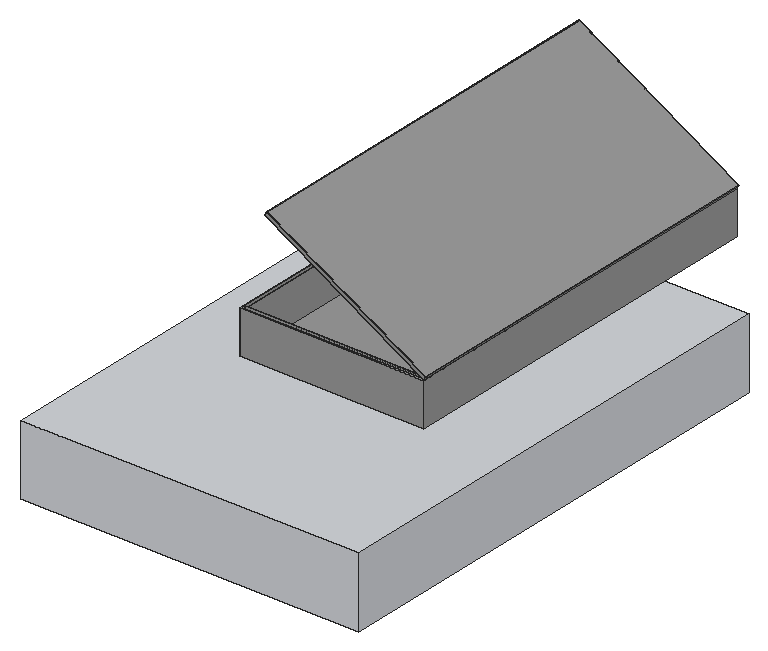
Revit family "Hager-Univers-IP44-D205-H1700-Cl.II-Encl-PT-pt", category Equipement électrique, Revit 2020
Family settings
  Hôte = Face
  Configuration du panneau = Deux colonnes, circuits au sein
  Cote de connecteur circulaire = Utiliser le diamètre
  Type d'élément = Tableau de raccordement
  Couper avec des vides une fois chargée = Non
  Partagée = Non
  Point de calcul de pièce = Non
Parameters (values of type "Montagem em superfície (gesso) IP44 L800 A1700 P205  - FP13SN2")
  Width Control [instance] = if([EF000008 - Largura] > Min Width, [EF000008 - Largura], Min Width)  # 800 mm
  Commentaires du type = [HG000003 - Gama]  # "Univers"
  Thickness Door [instance] = if([EF009171 - Espessura do material da porta/tampa] > 3 mm, 3 mm, [EF009171 - Espessura do material da porta/tampa])  # 1 mm
  Seal Frame Offset [instance] = 17 mm  # constant formula
  Plinth Visibility [instance] = [HG000027 - Altura da Plinta] > 0 mm  # no
  Model = ""
  Min Width [instance] = 100 mm  # constant formula
  Min Height [instance] = 100 mm  # constant formula
  Min Depth [instance] = (2 * [EF009170 - Espessura do material do invólucro]) + 1 mm  # 3 mm
  Internal Frame Depth [instance] = (Door System Depth * 0.5)  # 9 mm
  Height Control [instance] = if([EF000040 - Altura] > Min Height, [EF000040 - Altura], Min Height)  # 1700 mm
  HG000027 - Altura da Plinta = 0 mm
  HG000026 - Instalação no chão = no
  HG000024 - Altura da secção inferior = 800 mm
  HG000023 - Recinto de secção dupla = no
  HG000016 - Visibilidade da porta 3D [instance] = yes
  HG000015 - Visibilidade através da porta [instance] = no
  HG000014 - Porta à direita [instance] = yes
  HG000013 - Porta à esquerda [instance] = not([HG000014 - Porta à direita])  # no
  HG000012 - Ângulo de abertura de porta [instance] = 30.00°
  HG000010 - Portas assimétricas = no
  HG000009 - Porta dupla = no
  HG000006 - Encastrado = no
  HG000004 - Referência do Fabricante = "FP13SN2"
  HG000003 - Gama = "Univers"
  HG000002 - Com porta ou tampa = yes
  Frame Offset Bottom [instance] = 10 mm  # constant formula
  Frame Offset [instance] = 15 mm  # constant formula
  EF015940 - Tampa com libertação de sobrepressão = no
  EF011959 - Grau de proteção (NEMA) = ""
  EF009554 - Número de aberturas para placas de flange = 6
  Fabricant = "Hager"  # constant formula
  EF009212 - Tipo de tampa = "EV000116 - Fechado"
  EF009171 - Espessura do material da porta/tampa = 1 mm
  EF009170 - Espessura do material do invólucro = 1 mm
  EF008873 - Corrente nominal (In) = 400 A
  EF007800 - Adequado para proteção contra raios = no
  EF006306 - Com fecho = no
  EF006244 - Tampa/porta transparente = no
  EF005474 - Grau de proteção (IP) = "EV006418 - IP44"
  EF004464 - Tipo de porta = "EV002646 - Único"
  EF004427 - Número de módulos = 396
  EF004293 - Força de impacto = "EV006815 - IK09"
  EF003532 - Adequado para uso no exterior = no
  EF002950 - Largura em número de módulos = 36
  EF001613 - Integridade do circuito = "EV000494 - Nenhum"
  EF001596 - Material do corpo = "EV000179 - Aço"
  EF001131 - Profundidade interior = 143 mm
  EF001088 - Extensão possível = yes
  EF000437 - Número de entradas de condutores = 6
  EF000339 - Tipo de difusor = "EV001012 - Tampa"
  EF000266 - Número de linhas = 11
  EF000218 - Profundidade incorporada = 205 mm
  EF000118 - Com tampa de montagem = no
  EF000116 - Número RAL = "9010"
  EF000049 - Profundidade = 205 mm
  EF000040 - Altura = 1700 mm
  EF000008 - Largura = 800 mm
  EF000007 - Cor = "EV000202 - Branco"
  EF000003 - Método de montagem = "EV000384 - Montagem em superfície (gesso)"
  Door System Leaf Tolerance [instance] = 1.5 mm  # constant formula
  Door System Depth [instance] = 18 mm  # constant formula
  Door Height [instance] = Height Control - [HG000027 - Altura da Plinta]  # 1700 mm
  Depth Control [instance] = if([EF000049 - Profundidade] > Min Depth, [EF000049 - Profundidade], Min Depth)  # 205 mm
  Default Elevation = 0 mm
  Connector Offset [instance] = Height Control / 2  # 850 mm
  Bottom Top Plate Trim [instance] = 1.5 mm  # constant formula
  Plinth height Ctrl [instance] = if([HG000027 - Altura da Plinta] > 0 mm, [HG000027 - Altura da Plinta], 12 mm)  # 12 mm
Types (5, lengths in mm): name | Width Control | HG000010 - Portas assimétricas | HG000009 - Porta dupla | HG000004 - Referência do Fabricante | EF009554 - Número de aberturas para placas de flange | EF008873 - Corrente nominal (In) | EF004464 - Tipo de porta | EF004427 - Número de módulos | EF002950 - Largura em número de módulos | EF000437 - Número de entradas de condutores | EF000008 - Largura
  Montagem em superfície (gesso) IP44 L1050 A1700 P205  - FP14SN2 | 1050 | no | yes | "FP14SN2" | 8 | 400 A | "EV003602 - Duplo" | 528 | 48 | 8 | 1050
  Montagem em superfície (gesso) IP44 L1300 A1700 P205  - FP15SN2 | 1300 | yes | yes | "FP15SN2" | 10 | 400 A | "EV003602 - Duplo" | 660 | 60 | 10 | 1300
  Montagem em superfície (gesso) IP44 L300 A1700 P205  - FP11SN2 | 300 | no | no | "FP11SN2" | 2 | 250 A | "EV002646 - Único" | 132 | 12 | 2 | 300
  Montagem em superfície (gesso) IP44 L550 A1700 P205  - FP12SN2 | 550 | no | no | "FP12SN2" | 4 | 250 A | "EV002646 - Único" | 264 | 24 | 4 | 550
  Montagem em superfície (gesso) IP44 L800 A1700 P205  - FP13SN2 | 800 | no | no | "FP13SN2" | 6 | 400 A | "EV002646 - Único" | 396 | 36 | 6 | 800
Reference planes
  plane 1 "Center (Front/Back)": y = 0
  plane 2: z = 0
  plane 3 "Center (Left/Right)": x = 0
  plane 4: z = 205
  plane 5: y = 1
  plane 6: y = 850
  plane 7: y = 0
  plane 8: y = 1700
  plane 9: z = 0
  plane 10: x = -385
  plane 11: x = 385
  plane 12: x = 384
  plane 13: x = -384
  plane 14: y = 1699
  plane 15: x = -383
  plane 16: x = -400
  plane 17: x = 383
  plane 18: x = 400
  plane 19: x = 399
  plane 20: x = -399
  plane 21: y = 11
  plane 22: y = 1700
  plane 23: y = 1684
  plane 24: z = 187
  plane 25: z = 1
  plane 26: z = 186
  plane 27: z = 204
Forms (mm)
  Extrusion 1, solid
    sketch origin (0, 0, 0) x (1, 0, 0) y (0, 1, 0)
      loop
        line (-702.964, 1305) -> (-702.964, -811.445) -> (766.763, -811.445) -> (766.763, 1305) -> (-702.964, 1305)
    from 0 to -304.8
  Extrusion 2, solid, material "Hager_Steel_RAL7035_Light_Grey", visible <- "Plinth Visibility", detail levels medium+fine
    sketch origin (0, 0, 0) x (1, 0, 0) y (0, 1, 0)
      loop
        line (-400, 0) -> (400, 0) -> (400, 12) -> (-400, 12) -> (-400, 0)
    from 0 to 187
  Extrusion 3, solid, material "Hager_Steel_RAL7035_Light_Grey", detail levels medium+fine
    sketch origin (0, 0, 0) x (1, 0, 0) y (0, 1, 0)
      loop
        line (-400, 0) -> (400, 0) -> (400, 1700) -> (-400, 1700) -> (-400, 0)
    from 0 to 187
  Extrusion 4, void
    sketch origin (0, 0, 0) x (1, 0, 0) y (0, 1, 0)
      loop
        line (-399, 1) -> (399, 1) -> (399, 1699) -> (-399, 1699) -> (-399, 1)
    from 1 to 186
  Extrusion 5, void
    sketch origin (-381.607, -4572, 187) x (0, -1, 0) y (-1, 0, 0)
      loop
        line (-4583, 2.393) -> (-6256, 2.393) -> (-6256, -765.607) -> (-4583, -765.607) -> (-4583, 2.393)
    from 0 to 1 <- "EF009170 - Espessura do material do invólucro"
  Extrusion 6, solid, material "Hager_Steel_RAL7035_Light_Grey", detail levels fine
    sketch origin (0, 0, 187) x (1, 0, 0) y (0, 1, 0)
      loop
        line (-384, 1684) -> (-384, 11) -> (384, 11) -> (384, 1684) -> (-384, 1684)
      loop
        line (-385, 10) -> (385, 10) -> (385, 1685) -> (-385, 1685) -> (-385, 10)
    from 0 to 9 <- "Internal Frame Depth"
  Extrusion 7, solid, material "Hager_Steel_RAL7035_Light_Grey", detail levels coarse
    sketch origin (0, 0, 0) x (1, 0, 0) y (0, 1, 0)
      loop
        line (-400, 0) -> (400, 0) -> (400, 1700) -> (-400, 1700) -> (-400, 0)
    from 0 to 205
  Sweep 8, void
    path in 3D
      loop
        line (-400, 12, 0) -> (400, 12, 0) -> (400, 12, 187) -> (-400, 12, 187) -> (-400, 12, 0)
    profile origin (-400, 12, 93.5) x (-1, 0, 0) y (0, -1, 0)
      loop
        line (0, 0) -> (0, 1.5) -> (-1.5, 1.5)
        arc (-1.5, 1.5) -> (-1.061, 0.439) -> (0, 0) r 1.5
Cuts and joins
  Extrusion 4, Extrusion 5 cuts Extrusion 3
  Sweep 8 cuts Extrusion 2
Lines and regions (mm)
  Masking region 1
    outline origin (0, 0, 0) x (1, 0, 0) y (0, 0, 1)
      loop
        line (-400, 205) -> (-400, 0) -> (400, 0) -> (400, 205) -> (-400, 205)
  Masking region 2, detail levels medium+fine
    outline origin (0, 140, 0) x (0, 1, 0) y (0, 0, 1)
      loop
        line (-140, 0) -> (1560, 0) -> (1560, 187) -> (-140, 187) -> (-140, 0)
  Masking region 3, not visible, detail levels medium+fine
    outline origin (0, 297.922, 0) x (0, 1, 0) y (0, 0, 1)
      loop
        line (563.578, 0) -> (603.578, 0) -> (603.578, 194)
        arc (603.578, 194) -> (600.649, 201.071) -> (593.578, 204) r 10
        line (593.578, 204) -> (563.578, 204) -> (563.578, 0)
  Masking region 4, detail levels coarse
    outline origin (0, 0, 180) x (0, 1, 0) y (0, 0, 1)
      loop
        line (0, -180) -> (1700, -180) -> (1700, 25) -> (0, 25) -> (0, -180)
  Masking region 5, visible <- "Plinth Visibility", detail levels medium+fine
    outline origin (0, 52.24, 12.345) x (0, 0, -1) y (0, 1, 0)
      loop
        line (10.845, -40.24) -> (-173.155, -40.24)
        arc (-173.155, -40.24) -> (-173.594, -41.301) -> (-174.655, -41.74) r 1.5
        line (-174.655, -41.74) -> (-174.655, -52.24) -> (12.345, -52.24) -> (12.345, -41.74)
        arc (12.345, -41.74) -> (11.285, -41.301) -> (10.845, -40.24) r 1.5
  Masking region 6, detail levels medium+fine
    outline origin (-381.607, -4572, 187) x (-1, 0, 0) y (0, -1, 0)
      loop
        line (18.393, -6272) -> (18.393, -4572) -> (-781.607, -4572) -> (-781.607, -6272) -> (18.393, -6272)
  Masking region 7, visible <- "Plinth Visibility", detail levels medium+fine
    outline origin (-381.607, -4727, 187) x (-1, 0, 0) y (0, -1, 0)
      loop
        arc (16.893, -4739) -> (17.332, -4737.939) -> (18.393, -4737.5) r 1.5
        line (18.393, -4737.5) -> (18.393, -4727) -> (-781.607, -4727) -> (-781.607, -4737.5)
        arc (-781.607, -4737.5) -> (-780.546, -4737.939) -> (-780.107, -4739) r 1.5
        line (-780.107, -4739) -> (16.893, -4739)
  Masking region 8, detail levels coarse
    outline origin (-442.548, -4669.526, 187) x (-1, 0, 0) y (0, -1, 0)
      loop
        line (-42.548, -6369.526) -> (-42.548, -4669.526) -> (-842.548, -4669.526) -> (-842.548, -6369.526) -> (-42.548, -6369.526)
  sketch lines
    curve 1: line (-400, 12, 187) -> (-400, 12, 0)
    curve 2: line (400, 12, 187) -> (-400, 12, 187)
    curve 3: line (400, 12, 187) -> (400, 12, 0)
    curve 4: line (-400, 12, 0) -> (400, 12, 0)
Dimensions and locks
  "Depth Control": plane 4 to Extrusion 1
  "HG000027 - Altura da Plinta": plane 1 "Center (Front/Back)" to plane 7
  "EF009170 - Espessura do material do invólucro": plane 5 to plane 7
  locked: connector elem to plane 3 "Center (Left/Right)"
  equal spacing: plane 8, plane 6, plane 7
  locked: connector elem to plane 6
  "EF009170 - Espessura do material do invólucro": plane 8 to plane 14
  "EF009170 - Espessura do material do invólucro": plane 10 to plane 13
  "EF009170 - Espessura do material do invólucro": plane 12 to plane 11
  "Frame Offset": plane 20 to plane 13
  "Frame Offset": plane 12 to plane 19
  "EF009170 - Espessura do material do invólucro": plane 16 to plane 20
  "EF009170 - Espessura do material do invólucro": plane 19 to plane 18
  "Seal Frame Offset": plane 16 to plane 15
  "Seal Frame Offset": plane 17 to plane 18
  "Frame Offset Bottom": plane 21 to plane 5
  "Frame Offset": plane 14 to plane 23
  equal spacing: plane 16, plane 3 "Center (Left/Right)", plane 18
  "Width Control": plane 16 to plane 18
  "EF009170 - Espessura do material do invólucro": plane 4 to plane 27
  "EF009170 - Espessura do material do invólucro": plane 24 to plane 26
  "EF009170 - Espessura do material do invólucro": plane 25 to level
  "Door System Depth": plane 4 to plane 24
  "Height Control": plane 1 "Center (Front/Back)" to Extrusion 7 sketch curve
  "Height Control": Masking region 4 sketch curve to plane 1 "Center (Front/Back)"
  "Height Control": plane 1 "Center (Front/Back)" to plane 22
  "Bottom Top Plate Trim": profile plane to Sweep 8 sketch curve
  "Bottom Top Plate Trim": Sweep 8 sketch curve to profile plane
  "Plinth height Ctrl": plane 1 "Center (Front/Back)" to Extrusion 2 sketch curve
  "Plinth height Ctrl": Masking region 5 sketch curve to plane 1 "Center (Front/Back)"
  "Plinth height Ctrl": plane 1 "Center (Front/Back)" to Masking region 7 sketch curve
  "Thickness Door": Extrusion 6 sketch curve to Extrusion 6 sketch curve  (x3)
  "Thickness Door": cut or joined group of Extrusion 3, Extrusion 4, Extrusion 5 to Extrusion 6 sketch curve
  radius of Masking region 3 sketch curve = 10 mm
  "Bottom Top Plate Trim": radius of Masking region 5 sketch curve  (x2)
  "Bottom Top Plate Trim": radius of Sweep 8 sketch curve
  "Bottom Top Plate Trim": radius of Masking region 7 sketch curve  (x2)
  aligned and locked: plane 2 to Extrusion 1
  aligned and locked: level to Extrusion 1
  aligned and locked: level to Masking region 1 sketch curve
  aligned and locked: Masking region 1 sketch curve to plane 18
  aligned and locked: Masking region 1 sketch curve to plane 16
  aligned and locked: plane 7 to Masking region 2 sketch curve
  aligned and locked: level to Masking region 3 sketch curve
  aligned and locked: Masking region 3 sketch curve to plane 27
  aligned and locked: level to Masking region 2 sketch curve
  aligned and locked: plane 1 "Center (Front/Back)" to Extrusion 2 sketch curve
  aligned and locked: Extrusion 3 sketch curve to plane 7
  aligned and locked: plane 16 to Extrusion 3 sketch curve
  aligned and locked: plane 18 to Extrusion 3 sketch curve
  aligned and locked: plane 20 to Extrusion 4 sketch curve
  aligned and locked: plane 19 to Extrusion 4 sketch curve
  aligned and locked: Extrusion 4 sketch curve to plane 5
  aligned and locked: Extrusion 4 to plane 25
  aligned and locked: plane 26 to Extrusion 4
  aligned and locked: plane 24 to Extrusion 3
  aligned and locked: Extrusion 5 sketch curve to plane 21
  aligned and locked: Extrusion 5 sketch curve to plane 13
  aligned and locked: Extrusion 5 sketch curve to plane 12
  aligned and locked: plane 18 to Extrusion 7 sketch curve
  aligned and locked: plane 1 "Center (Front/Back)" to Extrusion 7 sketch curve
  aligned and locked: plane 16 to Extrusion 7 sketch curve
  aligned and locked: plane 4 to Extrusion 7
  aligned and locked: Extrusion 7 to level
  aligned and locked: level to Masking region 4 sketch curve
  aligned and locked: Masking region 4 sketch curve to plane 1 "Center (Front/Back)"
  aligned and locked: Masking region 4 sketch curve to plane 4
  aligned and locked: nested 1 to level
  aligned and locked: nested 1 to plane 16
  aligned and locked: plane 8 to Extrusion 3 sketch curve
  aligned and locked: plane 23 to Extrusion 5 sketch curve
  aligned and locked: plane 14 to Extrusion 4 sketch curve
  aligned and locked: Masking region 2 sketch curve to plane 8
  aligned and locked: level to Masking region 5 sketch curve
  aligned and locked: plane 16 to Extrusion 2 sketch curve
  aligned and locked: plane 18 to Extrusion 2 sketch curve
  aligned and locked: Masking region 5 sketch curve to plane 24
  aligned and locked: Masking region 2 sketch curve to plane 24
  aligned and locked: plane 24 to Extrusion 2
  aligned and locked: profile plane to Sweep 8 sketch curve  (x2)
  aligned and locked: Masking region 6 sketch curve to plane 18
  aligned and locked: Masking region 6 sketch curve to plane 22
  aligned and locked: Masking region 6 sketch curve to plane 16
  aligned and locked: plane 8 to plane 22
  aligned and locked: Masking region 6 sketch curve to plane 7
  aligned and locked: Masking region 7 sketch curve to plane 16
  aligned and locked: Masking region 7 sketch curve to plane 1 "Center (Front/Back)"
  aligned and locked: Masking region 7 sketch curve to plane 18
  aligned and locked: Masking region 8 sketch curve to plane 1 "Center (Front/Back)"
  aligned and locked: Masking region 8 sketch curve to plane 18
  aligned and locked: Masking region 8 sketch curve to plane 22
  aligned and locked: Masking region 8 sketch curve to plane 16
  aligned and locked: nested 2 to plane 7
  aligned and locked: plane 3 "Center (Left/Right)" to nested 2
  aligned and locked: nested 2 to plane 24
  aligned and locked: Extrusion 6 sketch curve to cut or joined group of Extrusion 3, Extrusion 4, Extrusion 5  (x4)
Automatic sketch dimensions
  Extrusion 1 sketch curve to Extrusion 1 sketch curve = 1469.727 mm
  Extrusion 1 sketch curve to Extrusion 1 sketch curve = 2116.445 mm
  Masking region 1 sketch curve to plane 4 = 0 mm
  plane 6 to Masking region 3 sketch curve = 11.5 mm
  Masking region 3 sketch curve to Masking region 3 sketch curve = 30 mm
  Masking region 5 sketch curve to plane 1 "Center (Front/Back)" = 0 mm
Nested families
  nested 1: "Hager_Enclosure_Symbol" at (-400, 0, 0) x (1, 0, 0) z (0, -1, 0), Height <- "Depth Control", Width <- "Width Control", type "Hager_Enclosure_Symbol"
    with Width_Ctrl 800 mm, Width 800 mm, Height_Ctrl 205 mm, Height 205 mm, A_Width_Int 13.453 mm, A_Width 161.438 mm, A_Height_Ctrl 179.375 mm, A_Height 179.375 mm
  nested 2: "EC000058_Univers_Door" at (0, 0, 187) x (1, 0, 0) z (0, 1, 0), Leaf_Tolerance <- "Door System Leaf Tolerance", Angle <- "HG000012 - Ângulo de abertura de porta", Door_Depth <- "Door System Depth", Door_Left <- "HG000013 - Porta à esquerda", Transparent <- "EF006244 - Tampa/porta transparente", Assymetrical <- "HG000010 - Portas assimétricas", Width <- "Width Control", Clearance <- "HG000015 - Visibilidade através da porta", Double <- "HG000009 - Porta dupla", 3d_Door <- "HG000016 - Visibilidade da porta 3D", Lock_Visibility <- "EF006306 - Com fecho", Width_Ctrl <- "Width Control", Door_Right <- "HG000014 - Porta à direita", Door <- "HG000002 - Com porta ou tampa", Height <- "Door Height", Thickness <- "Thickness Door", type "EC000058_Univers_Door", detail levels medium+fine
    with min_wh 3 mm, Width_Ctrl 800 mm, Width 800 mm, Transparent no, Thickness 1 mm, Seal_Material Hager_Rubber, Lock_Visibility no, Lock_Material Hager_Plastic_RAL9005_Jet_Black, Leaf_Width 800 mm, Leaf_Tolerance_External_Sides 0 mm, Leaf_Tolerance 1.5 mm, Leaf_Offset 0 mm, Leaf_Height 1697 mm, Leaf_2_Width 800 mm, Leaf_2_Offset 400 mm, Leaf_1_Width 800 mm, Leaf_1_Offset 400 mm, Height_Ctrl 1700 mm, Height 1700 mm, Glass_Material Hager_Glass, Double_Clearance_Ctrl no, Double no, Door_Right_Ctrl yes, Door_Right yes, Door_Material Hager_Steel_RAL7035_Light_Grey, Door_Left_Ctrl no, Door_Left no, Door_Depth 18 mm, Door yes, Clearance_Material Hager_Clearance, Clearance_Depth 800 mm, Clearance_Ctrl no, Clearance no, Assymetrical no, Angle 30.00°, 3d_Door yes
Connectors
  electrical at (0, 850, 0)
    settings: on plane 9, index 1, voltage 0 V, apparent load 0 VA, apparent load phase1 0 VA, apparent load phase2 0 VA, apparent load phase3 0 VA, power factor 1, load classification "Other", number of poles 1, system type 30, power factor state 1, is connector primary yes, connector utility no, sub classification motor no, connector description ""
Definition of nested family "EC000058_Univers_Door"
  Parameters (values of type "EC000058_Univers_Door")
    min_wh [instance] = (2 * Thickness) + 1 mm  # 11 mm
    Width_Ctrl [instance] = 400 mm
    Width [instance] = 500 mm
    Transparent [instance] = yes
    Thickness [instance] = 5 mm
    Seal_Material [instance] = none
    Lock_Visibility [instance] = yes
    Lock_Material [instance] = none
    Leaf_Width [instance] = if((Width_Ctrl - 2 * Leaf_Tolerance_External_Sides) > 0 mm, (Width_Ctrl - 2 * Leaf_Tolerance_External_Sides), min_wh)  # 400 mm
    Leaf_Tolerance_External_Sides [instance] = 0 mm  # constant formula
    Leaf_Tolerance [instance] = 1.5 mm
    Leaf_Offset [instance] = 0 mm  # constant formula
    Leaf_Height [instance] = if((Height_Ctrl - 2 * Leaf_Tolerance) > 0 mm, (Height_Ctrl - 2 * Leaf_Tolerance), min_wh)  # 497 mm
    Leaf_2_Width [instance] = if(and(and(Double, Assymetrical), Door_Left), (Leaf_Width / 3) - (Leaf_Tolerance / 2), if(and(and(Double, Assymetrical), Door_Right), (Leaf_Width / 3) * 2 - (Leaf_Tolerance / 2), if(and(Double, not(Assymetrical)), (Leaf_Width / 2) - Leaf_Tolerance, Leaf_Width)))  # 400 mm
    Leaf_2_Offset [instance] = if(and(Double, Assymetrical), Leaf_2_Width / 2, if(and(Double, not(Assymetrical)), Leaf_Width / 4, Leaf_Width / 2))  # 200 mm
    Leaf_1_Width [instance] = if(and(and(Double, Assymetrical), Door_Right), (Leaf_Width / 3) - (Leaf_Tolerance / 2), if(and(and(Double, Assymetrical), Door_Left), (Width / 3) * 2 - (Leaf_Tolerance / 2), if(and(Double, not(Assymetrical)), (Leaf_Width / 2) - Leaf_Tolerance, Leaf_Width)))  # 400 mm
    Leaf_1_Offset [instance] = if(and(Double, Assymetrical), Leaf_1_Width / 2, if(and(Double, not(Assymetrical)), Leaf_Width / 4, Leaf_Width / 2))  # 200 mm
    Height_Ctrl [instance] = if(Height > min_wh, Height, min_wh)  # 500 mm
    Height [instance] = 500 mm
    Glass_Material [instance] = none
    Double_Clearance_Ctrl [instance] = and(Double, Clearance)  # no
    Double [instance] = no
    Door_Right_Ctrl [instance] = and(or(Door_Right, Double), Door)  # yes
    Door_Right [instance] = yes
    Door_Material [instance] = none
    Door_Left_Ctrl [instance] = and(or(Door_Left, Double), Door)  # no
    Door_Left [instance] = no
    Door_Depth [instance] = 30 mm
    Door [instance] = yes
    Default Elevation = 1219.2 mm
    Clearance_Material [instance] = none
    Clearance_Depth [instance] = if(Leaf_1_Width > Leaf_2_Width, Leaf_1_Width, Leaf_2_Width)  # 400 mm
    Clearance_Ctrl [instance] = and(not(Double), Clearance)  # yes
    Clearance [instance] = yes
    Assymetrical [instance] = yes
    Angle [instance] = 30.00°
    3d_Door [instance] = yes
  Reference planes
    plane 1 "Center (Front/Back)": y = 0
    plane 2 "Bottom": z = 0
    plane 3 "Center (Left/Right)": x = 0
    plane 4: z = 500
    plane 5: x = -200
    plane 6: x = 200
    plane 7: z = 500
    plane 8: x = -200
    plane 9: z = 0
    plane 10: x = 200
    plane 11: y = 0
    plane 12: z = 1.5
    plane 13: x = -600
    plane 14: y = -400
    plane 15: x = 600
    plane 16: x = 0
    plane 17: x = 0
    plane 18: x = -200
    plane 19: x = 200
    plane 20: z = 498.5
  Forms (mm)
    Extrusion 1, solid, material <- "Clearance_Material", visible <- "Double_Clearance_Ctrl"
      sketch origin (1200, 0, 0) x (1, 0, 0) y (0, 0, -1)
        loop
          line (-1800, -498.5) -> (-600, -498.5) -> (-600, 0) -> (-1800, 0) -> (-1800, -498.5)
      from 0 to -400
  Dimensions and locks
    equal spacing: plane 5, plane 3 "Center (Left/Right)", plane 6
    "Width_Ctrl": plane 5 to plane 6
    "Leaf_Offset": plane 5 to plane 8
    "Leaf_Offset": plane 6 to plane 10
    "Leaf_Offset": plane 9 to level
    "Leaf_Offset": plane 4 to plane 7
    "Height_Ctrl": plane 4 to level
    "Leaf_Tolerance": plane 12 to plane 9
    locked: plane 11 to plane 1 "Center (Front/Back)"
    "Leaf_1_Offset": plane 18 to plane 16
    "Leaf_2_Offset": plane 17 to plane 19
    "Leaf_1_Width": plane 13 to plane 8
    "Leaf_2_Width": plane 10 to plane 15
    "Clearance_Depth": plane 14 to plane 1 "Center (Front/Back)"
    "Leaf_Tolerance_External_Sides": plane 8 to plane 18
    "Leaf_Tolerance_External_Sides": plane 19 to plane 10
    "Leaf_Tolerance": plane 7 to plane 20
    aligned and locked: level to plane 2 "Bottom"
    aligned and locked: nested 1 to plane 16
    aligned and locked: nested 2 to plane 17
    aligned and locked: Extrusion 1 to plane 13
    aligned and locked: plane 15 to Extrusion 1
    aligned and locked: Extrusion 1 to plane 14
    aligned and locked: plane 12 to nested 1
    aligned and locked: nested 2 to plane 12
    aligned and locked: Extrusion 1 to plane 11
    aligned and locked: plane 20 to Extrusion 1
    aligned and locked: nested 2 to plane 11
    aligned and locked: nested 1 to plane 11
  Automatic sketch dimensions
    Extrusion 1 sketch curve to level = 0 mm
    plane 5 to Extrusion 1 sketch curve = 400 mm
    plane 6 to Extrusion 1 sketch curve = 400 mm
    Extrusion 1 sketch curve to plane 4 = 1.5 mm
  Nested families
    nested 1: "EC000058_Univers_Door_Leaf" at (0, 0, 1.5), Width <- "Leaf_1_Width", visible <- "Door_Left_Ctrl", Leaf_Height <- "Leaf_Height", Angle <- "Angle", 3d_Door <- "3d_Door", Transparent <- "Transparent", Clearance Material <- "Clearance_Material", Clearance <- "Clearance_Ctrl", Door_Material <- "Door_Material", Glass_Material <- "Glass_Material", Door_Depth <- "Door_Depth", Lock_Material <- "Lock_Material", Seal_Material <- "Seal_Material", Lock_Visibility <- "Lock_Visibility", Thickness <- "Thickness", type "EC000058_Univers_Door_Leaf"
      with Width 400 mm, Transparent_Glass_Offset 30 mm, Transparent_Ctrl yes, Transparent yes, Thickness 5 mm, Standard no, Seal_Material none, Seal_D2 8 mm, Seal_D1 1 mm, Offset_Internal_Frame 10 mm, Lock_Width 20 mm, Lock_Visibility_3d yes, Lock_Visibility yes, Lock_Thickness_3 3 mm, Lock_Thickness_2 1 mm, Lock_Thickness_1 3 mm, Lock_Radius_Offset_2 16 mm, Lock_Radius_Offset_1 15 mm, Lock_Radius_2 5 mm, Lock_Radius 6 mm, Lock_Offset 5 mm, Lock_Material none, Lock_Height 80 mm, Lock_Cover_Top_Offset_2d 17 mm, Lock_Cover_Height -65 mm, Leaf_Height 497 mm, Internal_Seal_Thickness 8 mm, Internal_Seal_Depth_2 4.5 mm, Internal_Frame_Depth 25 mm, Glass_Thickness -1 mm, Glass_Offset -2 mm, Glass_Material none, Door_Material none, Door_Depth 30 mm, Clearance Material none, Clearance yes, Angle_Ctrl 30.00°, Angle 30.00°, 3d_Door yes
    nested 2: "EC000058_Univers_Door_Leaf" at (0, 0, 1.5) x (-1, 0, 0) z (0, 0, 1), Width <- "Leaf_2_Width", visible <- "Door_Right_Ctrl", Leaf_Height <- "Leaf_Height", Angle <- "Angle", 3d_Door <- "3d_Door", Transparent <- "Transparent", Clearance Material <- "Clearance_Material", Clearance <- "Clearance_Ctrl", Door_Material <- "Door_Material", Glass_Material <- "Glass_Material", Door_Depth <- "Door_Depth", Lock_Material <- "Lock_Material", Seal_Material <- "Seal_Material", Lock_Visibility <- "Lock_Visibility", Thickness <- "Thickness", type "EC000058_Univers_Door_Leaf"
      with Width 400 mm, Transparent_Glass_Offset 30 mm, Transparent_Ctrl yes, Transparent yes, Thickness 5 mm, Standard no, Seal_Material none, Seal_D2 8 mm, Seal_D1 1 mm, Offset_Internal_Frame 10 mm, Lock_Width 20 mm, Lock_Visibility_3d yes, Lock_Visibility yes, Lock_Thickness_3 3 mm, Lock_Thickness_2 1 mm, Lock_Thickness_1 3 mm, Lock_Radius_Offset_2 16 mm, Lock_Radius_Offset_1 15 mm, Lock_Radius_2 5 mm, Lock_Radius 6 mm, Lock_Offset 5 mm, Lock_Material none, Lock_Height 80 mm, Lock_Cover_Top_Offset_2d 17 mm, Lock_Cover_Height -65 mm, Leaf_Height 497 mm, Internal_Seal_Thickness 8 mm, Internal_Seal_Depth_2 4.5 mm, Internal_Frame_Depth 25 mm, Glass_Thickness -1 mm, Glass_Offset -2 mm, Glass_Material none, Door_Material none, Door_Depth 30 mm, Clearance Material none, Clearance yes, Angle_Ctrl 30.00°, Angle 30.00°, 3d_Door yes
  Definition of nested family "EC000058_Univers_Door_Leaf"
    Parameters (values of type "EC000058_Univers_Door_Leaf")
      Width [instance] = 2000 mm
      Transparent_Glass_Offset [instance] = 30 mm
      Transparent_Ctrl [instance] = and(Transparent, [3d_Door])  # yes
      Transparent [instance] = yes
      Thickness [instance] = 5 mm
      Standard [instance] = and(not(Transparent), [3d_Door])  # no
      Seal_Material [instance] = none
      Seal_D2 [instance] = 8 mm  # constant formula
      Seal_D1 [instance] = 1 mm  # constant formula
      Offset_Internal_Frame [instance] = 10 mm  # constant formula
      Lock_Width [instance] = 20 mm  # constant formula
      Lock_Visibility_3d [instance] = and(Lock_Visibility, [3d_Door])  # yes
      Lock_Visibility [instance] = yes
      Lock_Thickness_3 [instance] = 3 mm  # constant formula
      Lock_Thickness_2 [instance] = 1 mm  # constant formula
      Lock_Thickness_1 [instance] = 3 mm  # constant formula
      Lock_Radius_Offset_2 [instance] = Lock_Radius_Offset_1 + 1 mm  # 16 mm
      Lock_Radius_Offset_1 [instance] = 15 mm  # constant formula
      Lock_Radius_2 [instance] = Lock_Radius - 1 mm  # 5 mm
      Lock_Radius [instance] = 6 mm  # constant formula
      Lock_Offset [instance] = 5 mm  # constant formula
      Lock_Material [instance] = none
      Lock_Height [instance] = 80 mm  # constant formula
      Lock_Cover_Top_Offset_2d [instance] = Lock_Radius_Offset_2 + 1 mm  # 17 mm
      Lock_Cover_Height [instance] = -(Lock_Height - Lock_Radius_Offset_1)  # -65 mm
      Leaf_Height [instance] = 2720.336 mm
      Internal_Seal_Thickness [instance] = 8 mm  # constant formula
      Internal_Seal_Depth_2 [instance] = 4.5 mm  # constant formula
      Internal_Frame_Depth [instance] = if(Door_Depth - Thickness > 5 mm, Door_Depth - Thickness, 5 mm)  # 25 mm
      Glass_Thickness [instance] = if(Thickness > 15 mm, Glass_Offset + 10 mm, -1 mm)  # -1 mm
      Glass_Offset [instance] = if(Thickness > 15 mm, -(Thickness + 10 mm) / 2, -2 mm)  # -2 mm
      Glass_Material [instance] = none
      Door_Material [instance] = none
      Door_Depth [instance] = 30 mm
      Default Elevation = 0 mm
      Clearance Material [instance] = none
      Clearance [instance] = yes
      Angle_Ctrl [instance] = if(Angle > 180.00°, 180.00°, Angle)  # 90.00°
      Angle [instance] = 90.00°
      3d_Door [instance] = yes
    Reference planes
      plane 1 "Center (Front/Back)": y = 0
      plane 2: z = 0
      plane 3 "Center (Left/Right)": x = 0
      plane 4: y = 2000
      plane 5: x = -1000
      plane 6: x = 1000
      plane 7: x = -3000
      plane 8: z = 2720.336
      plane 9: z = 30
      plane 10: z = 2690.336
      plane 11: x = 970
      plane 12: x = -970
      plane 13: y = -3
      plane 14: z = 107.833
      plane 15: y = -5
      plane 16: y = -223.314
      plane 17: x = -1000
      plane 18: z = 1360.168
      plane 19: y = 30
    Forms (mm)
      Extrusion 1, solid, material <- "Clearance Material", visible <- "Clearance"
        sketch origin (0, 0, 0) x (1, 0, 0) y (0, 0, 1)
          loop
            line (-3000, 2720.336) -> (-3000, 0) -> (1000, 0) -> (1000, 2720.336) -> (-3000, 2720.336)
        from 0 to -2000
      Extrusion 2, solid, material <- "Door_Material", visible <- "Standard", detail levels medium+fine
        sketch origin (-1000, 0, 0) x (0, 1, 0) y (-1, 0, 0)
          loop
            line (0, 30) -> (0, 25) -> (2000, 25) -> (2000, 30) -> (0, 30)
        from 0 to 2720.336 <- "Leaf_Height"
      Extrusion 3, solid, material <- "Door_Material", visible <- "Transparent_Ctrl", detail levels medium+fine
        sketch origin (-1000, 0, 0) x (0, 1, 0) y (-1, 0, 0)
          loop
            line (0, 25) -> (2000, 25) -> (2000, 30) -> (0, 30) -> (0, 25)
        from 0 to 2720.336 <- "Leaf_Height"
      Extrusion 4, void
        sketch origin (-1025, 2000, 0) x (0, 1, 0) y (0, 0, -1)
          loop
            line (-30, -2690.336) -> (-30, -30) -> (-1970, -30) -> (-1970, -2690.336) -> (-30, -2690.336)
        from 0 to 5 <- "Thickness"
      Sweep 5, solid, material <- "Seal_Material", visible <- "Transparent_Ctrl", detail levels fine
        path in 3D
          loop
            line (-1025, 30, 30) -> (-1025, 30, 2690.336) -> (-1025, 1970, 2690.336) -> (-1025, 1970, 30) -> (-1025, 30, 30)
        profile origin (-1025, 1000, 30) x (1, 0, 0) y (0, 0, 1)
          loop
            line (0, 0) -> (0, -8) -> (1, -8) -> (1, 0) -> (0, 0)
      Extrusion 6, solid, material <- "Glass_Material", visible <- "Transparent_Ctrl", detail levels medium+fine
        sketch origin (-1030, 0, 0) x (0, 1, 0) y (0, 0, -1)
          loop
            line (1970, -2690.336) -> (1970, -30) -> (30, -30) -> (30, -2690.336) -> (1970, -2690.336)
        from -2 <- "Glass_Offset" to -1 <- "Glass_Thickness"
      Extrusion 7, solid, material <- "Door_Material", visible <- "3d_Door", detail levels medium+fine
        sketch origin (-1025, 2000, 0) x (0, -1, 0) y (0, 0, -1)
          loop
            line (0, -2720.336) -> (2000, -2720.336) -> (2000, 0) -> (0, 0) -> (0, -2720.336)
          loop
            line (1995, -5) -> (5, -5) -> (5, -2715.336) -> (1995, -2715.336) -> (1995, -5)
        from 0 to 25 <- "Internal_Frame_Depth"
      Sweep 8, solid, material <- "Seal_Material", visible <- "Transparent_Ctrl", detail levels fine
        path in 3D
          loop
            line (-1025, 0, 0) -> (-1025, 2000, 0) -> (-1025, 2000, 2720.336) -> (-1025, 0, 2720.336) -> (-1025, 0, 0)
        profile origin (-1025, 0, 1360.168) x (1, 0, 0) y (0, 1, 0)
          loop
            line (0, 10) -> (2.975, 10)
            arc (2.975, 10) -> (4.053, 10.447) -> (4.5, 11.525) r 1.525
            line (4.5, 11.525) -> (4.5, 16.527)
            arc (4.5, 16.527) -> (4.069, 17.569) -> (3.027, 18) r 1.473
            line (3.027, 18) -> (0, 18) -> (0, 10)
      Extrusion 9, solid, material <- "Lock_Material", visible <- "Lock_Visibility_3d", detail levels fine
        sketch origin (-1030, 0, 0) x (0, 1, 0) y (0, 0, -1)
          loop
            arc (1993.5, -1400.168) -> (1994.561, -1399.729) -> (1995, -1398.668) r 1.5
            line (1995, -1398.668) -> (1995, -1320.168) -> (1975, -1320.168) -> (1975, -1398.668)
            arc (1975, -1398.668) -> (1975.439, -1399.729) -> (1976.5, -1400.168) r 1.5
            line (1976.5, -1400.168) -> (1993.5, -1400.168)
        from 3 <- "Lock_Thickness_1" to 0
      Blend 10, solid, material <- "Lock_Material", visible <- "Lock_Visibility_3d", detail levels fine
        base sketch origin (-1033, 0, 0) x (0, 1, 0) y (0, 0, -1)
          loop
            line (1975, -1320.168) -> (1975, -1398.668)
            arc (1975, -1398.668) -> (1975.439, -1399.729) -> (1976.5, -1400.168) r 1.5
            line (1976.5, -1400.168) -> (1993.5, -1400.168)
            arc (1993.5, -1400.168) -> (1994.561, -1399.729) -> (1995, -1398.668) r 1.5
            line (1995, -1398.668) -> (1995, -1320.168) -> (1975, -1320.168)
        top sketch origin (-1033, 0, 0) x (0, 1, 0) y (0, 0, -1)
          loop
            line (1976, -1320.168) -> (1976, -1398.668)
            arc (1976, -1398.668) -> (1976.146, -1399.022) -> (1976.5, -1399.168) r 0.5
            line (1976.5, -1399.168) -> (1993.5, -1399.168)
            arc (1993.5, -1399.168) -> (1993.854, -1399.022) -> (1994, -1398.668) r 0.5
            line (1994, -1398.668) -> (1994, -1320.168) -> (1976, -1320.168)
        from 0 to 1 <- "Lock_Thickness_2"
      Blend 11, solid, material <- "Lock_Material", visible <- "Lock_Visibility_3d", detail levels fine
        base sketch origin (-1034, 0, 0) x (0, 1, 0) y (0, 0, -1)
          loop
            line (1978, -1320.168) -> (1978, -1384.168)
            arc (1978, -1384.168) -> (1985, -1391.168) -> (1992, -1384.168) r 7
            line (1992, -1384.168) -> (1992, -1320.168) -> (1978, -1320.168)
        top sketch origin (-1034, 0, 0) x (0, 1, 0) y (0, 0, -1)
          loop
            line (1991, -1320.168) -> (1979, -1320.168) -> (1979, -1383.168)
            arc (1979, -1383.168) -> (1985, -1389.168) -> (1991, -1383.168) r 6
            line (1991, -1383.168) -> (1991, -1320.168)
        from 0 to 3 <- "Lock_Thickness_3"
      Extrusion 12, solid, material <- "Lock_Material", visible <- "Lock_Visibility_3d", detail levels fine
        sketch origin (-1030, 1975, 1320.168) x (1, 0, 0) y (0, -1, 0)
          loop
            line (-7, -19) -> (-7, -1) -> (0, -1) -> (0, 0) -> (-8, 0) -> (-8, -20) -> (0, -20) -> (0, -19) -> (-7, -19)
        from 0 to -65 <- "Lock_Cover_Height"
      Extrusion 13, void
        sketch origin (-1038, 1995, 1320.168) x (-1, 0, 0) y (0, 0, -1)
          loop
            line (-5, -65) -> (0, -65) -> (-5, -60) -> (-5, -65)
        from 0 to 20 <- "Lock_Width"
      Extrusion 14, void
        sketch origin (-1038, 1975, 1320.168) x (0, -1, 0) y (0, 0, -1)
          loop
            circle (-10, -15.995) r 6
          loop
            circle (-10, -15.995) r 5
        from 0 to 2
      Extrusion 15, solid, material <- "Lock_Material", visible <- "Lock_Visibility_3d", detail levels medium
        sketch origin (-1030, 0, 0) x (0, 1, 0) y (0, 0, -1)
          loop
            arc (1993.5, -1400.168) -> (1994.561, -1399.729) -> (1995, -1398.668) r 1.5
            line (1995, -1398.668) -> (1995, -1320.168) -> (1975, -1320.168) -> (1975, -1398.668)
            arc (1975, -1398.668) -> (1975.439, -1399.729) -> (1976.5, -1400.168) r 1.5
            line (1976.5, -1400.168) -> (1993.5, -1400.168)
        from 8 to 0
    Cuts and joins
      Extrusion 4 cuts Extrusion 3
      Extrusion 13, Extrusion 14 cuts Extrusion 9
      Extrusion 14 cuts Blend 11
      Extrusion 13, Extrusion 14 cuts Extrusion 12
      joined: Extrusion 9, Blend 10, Blend 11, Extrusion 12
      Extrusion 14 cuts Extrusion 15
    Lines and regions (mm)
      Masking region 1, visible <- "Lock_Visibility", detail levels fine
        outline origin (0, 0, 0) x (0, 1, 0) y (0, 0, 1)
          loop
            line (30, 1320.168) -> (33, 1320.168) -> (33, 1400.168) -> (30, 1400.168) -> (30, 1320.168)
      Masking region 2, visible <- "Lock_Visibility", detail levels fine
        outline origin (0, 3.143, 0) x (0, 1, 0) y (0, 0, 1)
          loop
            line (29.857, 1354.168) -> (30.857, 1354.168) -> (30.857, 1366.168) -> (29.857, 1366.168) -> (29.857, 1354.168)
      Masking region 3, detail levels medium+fine
        outline origin (0, 0, 0) x (0, 1, 0) y (0, 0, 1)
          loop
            line (0, 0) -> (30, 0) -> (30, 2720.336) -> (0, 2720.336) -> (0, 0)
      Masking region 4, detail levels medium+fine
        outline origin (0, 0, 0) x (1, 0, 0) y (0, 0, 1)
          loop
            line (-1000, 2720.336) -> (-1000, 0) -> (1000, 0) -> (1000, 2720.336) -> (-1000, 2720.336)
      Masking region 5, visible <- "Lock_Visibility", detail levels fine
        outline origin (-47.116, 0, 0) x (1, 0, 0) y (0, 0, 1)
          loop
            arc (1024.616, 1399.168) -> (1023.556, 1398.729) -> (1023.116, 1397.668) r 1.5
            line (1023.116, 1397.668) -> (1023.116, 1320.168) -> (1041.116, 1320.168) -> (1041.116, 1397.668)
            arc (1041.116, 1397.668) -> (1040.677, 1398.729) -> (1039.616, 1399.168) r 1.5
            line (1039.616, 1399.168) -> (1024.616, 1399.168)
      Masking region 6, visible <- "Lock_Visibility", detail levels medium+fine
        outline origin (-25, 0, 0) x (1, 0, 0) y (0, 0, 1)
          loop
            arc (1001.5, 1400.168) -> (1000.439, 1399.729) -> (1000, 1398.668) r 1.5
            line (1000, 1398.668) -> (1000, 1320.168) -> (1020, 1320.168) -> (1020, 1398.668)
            arc (1020, 1398.668) -> (1019.561, 1399.729) -> (1018.5, 1400.168) r 1.5
            line (1018.5, 1400.168) -> (1001.5, 1400.168)
      Masking region 7, visible <- "Lock_Visibility", detail levels fine
        outline origin (-73.735, 0, 0) x (1, 0, 0) y (0, 0, 1)
          loop
            line (1051.735, 1382.168) -> (1065.735, 1382.168) -> (1065.735, 1384.168)
            arc (1065.735, 1384.168) -> (1058.735, 1391.168) -> (1051.735, 1384.168) r 7
            line (1051.735, 1384.168) -> (1051.735, 1382.168)
      Masking region 8, visible <- "Lock_Visibility", detail levels fine
        outline origin (-73.735, 0, 0) x (1, 0, 0) y (0, 0, 1)
          loop
            line (1052.735, 1382.168) -> (1064.735, 1382.168) -> (1064.735, 1383.168)
            arc (1064.735, 1383.168) -> (1058.735, 1389.168) -> (1052.735, 1383.168) r 6
            line (1052.735, 1383.168) -> (1052.735, 1382.168)
      Masking region 9, visible <- "Lock_Visibility", detail levels fine
        outline origin (-25, 0, 0) x (1, 0, 0) y (0, 0, 1)
          loop
            line (1020, 1320.168) -> (1020, 1382.168) -> (1000, 1382.168) -> (1000, 1320.168) -> (1020, 1320.168)
      Masking region 10, detail levels medium+fine
        outline origin (0, 0, 0) x (1, 0, 0) y (0, 0, 1)
          loop
            circle (985, 1335.144) r 6
      Masking region 11, detail levels fine
        outline origin (0, 0, 0) x (1, 0, 0) y (0, 0, 1)
          loop
            circle (985, 1335.144) r 5
      Masking region 12, visible <- "Lock_Visibility", detail levels fine
        outline origin (0, 12.767, 0) x (0, 1, 0) y (0, 0, 1)
          loop
            line (20.233, 1320.168) -> (21.233, 1320.168) -> (21.233, 1399.168) -> (20.233, 1400.168) -> (20.233, 1320.168)
      Masking region 13, visible <- "Lock_Visibility", detail levels fine
        outline origin (0, 13.767, -10) x (0, 1, 0) y (0, 0, 1)
          loop
            line (20.233, 1330.168) -> (23.233, 1330.168) -> (23.233, 1399.168) -> (20.233, 1402.168) -> (20.233, 1330.168)
      Masking region 14, visible <- "Lock_Visibility", detail levels fine
        outline origin (0, 12.767, -10) x (0, 1, 0) y (0, 0, 1)
          loop
            line (20.233, 1330.168) -> (25.233, 1330.168) -> (25.233, 1399.305) -> (20.233, 1394.305) -> (20.233, 1330.168)
      Masking region 15, visible <- "Lock_Visibility", detail levels medium
        outline origin (0, 0, 0) x (0, 1, 0) y (0, 0, 1)
          loop
            line (30, 1320.168) -> (38, 1320.168) -> (38, 1400.168) -> (30, 1400.168) -> (30, 1320.168)
      Masking region 16, visible <- "Lock_Visibility", detail levels fine
        outline origin (-1000, 0, 0) x (0, 1, 0) y (-1, 0, 0)
          loop
            line (1975, 30) -> (1995, 30) -> (1995, 38) -> (1975, 38) -> (1975, 30)
          loop
            line (1979, 37) -> (1976, 37) -> (1976, 34) -> (1978, 34) -> (1979, 37)
          loop
            line (1994, 37) -> (1991, 37) -> (1992, 34) -> (1994, 34) -> (1994, 37)
      Masking region 17, visible <- "Lock_Visibility", detail levels medium
        outline origin (-1000, 0, 0) x (0, 1, 0) y (-1, 0, 0)
          loop
            line (1975, 30) -> (1995, 30) -> (1995, 38) -> (1975, 38) -> (1975, 30)
      symbolic lines
        curve 1: line (1000, 0, 0) -> (-3000, 0, 0)
        curve 2: arc (1000, 0, 0) -> (-1000, 2000, 0) -> (-3000, 0, 0) r 2000
        curve 4: line (-1030, 0, 0) -> (-1030, 2000, 0)
      reference lines
        curve 3: line (-1000, 0, 0) -> (-1000, 2000, 0)
      symbolic lines, detail levels medium+fine
        curve 5: line (-1030, 2000, 0) -> (-1025, 2000, 0)
        curve 7: line (-1025, 0, 0) -> (-1030, 0, 0)
        curve 8: line (-1025, 0, 0) -> (-1000, 0, 0)
        curve 9: line (-1000, 0, 0) -> (-1000, 2000, 0)
        curve 10: line (-1000, 2000, 0) -> (-1025, 2000, 0)
      symbolic lines, detail levels fine
        curve 6: line (-1025, 2000, 0) -> (-1025, 0, 0)
      sketch lines
        curve 11: line (-1025, 0, 2720.336) -> (-1025, 0, 0)
        curve 12: line (-1025, 2000, 0) -> (-1025, 0, 0)
        curve 13: line (-1025, 2000, 2720.336) -> (-1025, 2000, 0)
        curve 14: line (-1025, 0, 2720.336) -> (-1025, 2000, 2720.336)
        curve 15: line (-1025, 1970, 30) -> (-1025, 30, 30)
        curve 16: line (-1025, 30, 30) -> (-1025, 30, 2690.336)
        curve 17: line (-1025, 1970, 2690.336) -> (-1025, 1970, 30)
        curve 18: line (-1025, 30, 2690.336) -> (-1025, 1970, 2690.336)
      symbolic lines, visible <- "Transparent", detail levels medium+fine
        curve 19: line (-970, 0, 2690.336) -> (970, 0, 2690.336)
        curve 20: line (-970, 0, 30) -> (-970, 0, 2690.336)
        curve 21: line (970, 0, 30) -> (-970, 0, 30)
        curve 22: line (970, 0, 2690.336) -> (970, 0, 30)
    Dimensions and locks
      "Width": plane 1 "Center (Front/Back)" to plane 4
      equal spacing: plane 5, plane 3 "Center (Left/Right)", plane 6
      "Width": plane 5 to plane 6
      "Width": plane 7 to plane 5
      "Leaf_Height": plane 8 to level
      "Width": curve 5 to curve 3
      "Width": curve 3 to curve 3
      plane 8 to plane 10 = 30 mm
      plane 9 to level = 30 mm
      plane 12 to plane 5 = 30 mm
      plane 6 to plane 11 = 30 mm
      Extrusion 1 to Extrusion 4 sketch curve = 30 mm
      "Transparent_Glass_Offset": curve 3 to Extrusion 4 sketch curve
      "Transparent_Glass_Offset": Extrusion 4 sketch curve to cut or joined group of Extrusion 3, Extrusion 4  (x2)
      cut or joined group of Extrusion 3, Extrusion 4 to Extrusion 6 sketch curve = 30 mm
      "Transparent_Glass_Offset": cut or joined group of Extrusion 3, Extrusion 4 to Extrusion 4 sketch curve
      "Thickness": curve 6 to curve 4
      "Thickness": Extrusion 7 sketch curve to Extrusion 7 sketch curve  (x4)
      "Door_Depth": curve 4 to curve 3
      "Offset_Internal_Frame": profile plane to Sweep 8 sketch curve
      "Internal_Seal_Thickness": Sweep 8 sketch curve to Sweep 8 sketch curve
      "Internal_Seal_Depth_2": profile plane to Sweep 8 sketch curve
      "Seal_D1": profile plane to Sweep 5 sketch curve
      "Seal_D2": profile plane to Sweep 5 sketch curve
      "Thickness": Extrusion 2 sketch curve to Extrusion 2 sketch curve
      equal spacing: Extrusion 9 sketch curve, plane 18, Extrusion 9 sketch curve  (x2)
      equal spacing: Masking region 1 sketch curve, plane 18, Masking region 1 sketch curve
      "Lock_Height": Masking region 1 sketch curve to Masking region 1 sketch curve
      "Lock_Radius": Masking region 2 sketch curve to plane 18 to Masking region 2 sketch curve
      Masking region 2 sketch curve to Masking region 1 = 1 mm
      "Door_Depth": plane 19 to plane 1 "Center (Front/Back)"
      "Lock_Thickness_1": Masking region 1 sketch curve to plane 19
      "Lock_Width": Extrusion 9 sketch curve to Extrusion 9 sketch curve
      "Lock_Height": Extrusion 9 sketch curve to Extrusion 9 sketch curve
      "Lock_Offset": cut or joined group of Extrusion 3, Extrusion 4 to Extrusion 9 sketch curve
      equal spacing: plane 8, plane 18, level
      "Lock_Radius_Offset_1": Blend 11 sketch curve to Blend 10
      locked: Blend 10 to Blend 11 sketch curve at 2  (x2)
      locked: var sketch to Blend 11 sketch curve at 1  (x2)
      "Lock_Radius_Offset_2": Blend 11 sketch curve to Blend 10
      locked: Extrusion 12 sketch curve to Extrusion 12 sketch curve at 1  (x3)
      Masking region 6 sketch curve to Masking region 6 sketch curve = 80 mm
      "Lock_Height": Masking region 6 sketch curve to Masking region 6 sketch curve
      "Lock_Width": Masking region 6 sketch curve to Masking region 6 sketch curve
      locked: Masking region 6 to Masking region 5 sketch curve at 1  (x3)
      locked: Masking region 5 to Masking region 7 sketch curve at 2  (x2)
      "Lock_Radius_Offset_1": Masking region 5 to Masking region 7 sketch curve
      "Lock_Radius_Offset_2": Masking region 5 to Masking region 8 sketch curve
      locked: Masking region 7 to Masking region 8 sketch curve at 1  (x2)
      "Lock_Cover_Top_Offset_2d": Masking region 5 to Masking region 9 sketch curve
      equal spacing: Masking region 9, Masking region 10 sketch curve, Masking region 9
      equal spacing: Masking region 9, Masking region 11 sketch curve, Masking region 9
      Extrusion 15 sketch curve to Extrusion 15 sketch curve = 80 mm
      "Lock_Width": Extrusion 15 sketch curve to Extrusion 15 sketch curve
      "Lock_Height": Extrusion 15 sketch curve to Extrusion 15 sketch curve
      equal spacing: Extrusion 15 sketch curve, plane 18, Extrusion 15 sketch curve
      "Lock_Thickness_3": Masking region 13 sketch curve to Masking region 13 sketch curve
      "Lock_Height": Masking region 12 sketch curve to Masking region 12 sketch curve
      locked: Masking region 13 sketch curve to Masking region 1 at 8
      locked: Masking region 14 sketch curve to Masking region 13 at 1
      locked: Masking region 14 sketch curve to Masking region 1 at 10.863
      "Lock_Height": Masking region 15 sketch curve to Masking region 15 sketch curve
      "Lock_Offset": Extrusion 15 sketch curve to cut or joined group of Extrusion 3, Extrusion 4
      "Lock_Offset": plane 6 to Masking region 6 sketch curve
      radius of Sweep 8 sketch curve = 1.525 mm
      radius of Sweep 8 sketch curve = 1.473 mm
      radius of Extrusion 9 sketch curve = 1.5 mm  (x2)
      "Lock_Radius": radius of Extrusion 14 sketch curve
      "Lock_Radius_2": radius of Extrusion 14 sketch curve
      "Lock_Radius": radius of Masking region 10 sketch curve
      "Lock_Radius_2": radius of Masking region 11 sketch curve
      radius of Extrusion 15 sketch curve = 1.5 mm  (x2)
      "Angle_Ctrl": angle plane 1 "Center (Front/Back)" to curve 3
      locked: Masking region 12 sketch curve to Masking region 12 sketch curve (angle 45.00°)
      locked: Masking region 13 sketch curve to Masking region 13 sketch curve (angle 45.00°)
      locked: Masking region 14 sketch curve to Masking region 14 sketch curve (angle 45.00°)
      aligned and locked: level to plane 2
      aligned and locked: Extrusion 1 to curve 1
      aligned and locked: plane 6 to Extrusion 1
      aligned and locked: Extrusion 1 to plane 1 "Center (Front/Back)"
      aligned and locked: plane 4 to Extrusion 1
      aligned and locked: plane 8 to Extrusion 1
      aligned and locked: curve 7 to Extrusion 2 sketch curve
      aligned and locked: curve 5 to Extrusion 2 sketch curve
      aligned and locked: curve 7 to Extrusion 3 sketch curve
      aligned and locked: Extrusion 3 sketch curve to curve 4
      aligned and locked: Extrusion 3 sketch curve to curve 6
      aligned and locked: Extrusion 3 sketch curve to curve 5
      aligned and locked: curve 9 to curve 3
      aligned and locked: Extrusion 7 sketch curve to cut or joined group of Extrusion 3, Extrusion 4  (x4)
      aligned and locked: plane 17 to curve 3
      aligned and locked: plane 1 "Center (Front/Back)" to curve 3
      aligned and locked: plane 17 to plane 5
      aligned and locked: Sweep 8 sketch curve to profile plane
      aligned and locked: Sweep 5 sketch curve to profile plane  (x2)
      aligned and locked: Masking region 1 to Masking region 2 sketch curve
      aligned and locked: plane 19 to Masking region 1 sketch curve
      aligned and locked: plane 1 "Center (Front/Back)" to Masking region 3 sketch curve
      aligned and locked: plane 19 to Masking region 3 sketch curve
      aligned and locked: level to Masking region 3 sketch curve
      aligned and locked: Masking region 3 sketch curve to plane 8
      aligned and locked: plane 17 to Masking region 4 sketch curve
      aligned and locked: level to Masking region 4 sketch curve
      aligned and locked: Masking region 4 sketch curve to plane 8
      aligned and locked: plane 12 to curve 20
      aligned and locked: plane 10 to curve 19
      aligned and locked: plane 11 to curve 22
      aligned and locked: curve 21 to plane 9
      aligned and locked: Extrusion 2 sketch curve to cut or joined group of Extrusion 3, Extrusion 4
      aligned and locked: Blend 10 sketch curve to Extrusion 9  (x4)
      aligned and locked: Extrusion 9 to Blend 10 sketch curve
      aligned and locked: Blend 10 to Blend 11 sketch curve
      aligned and locked: Extrusion 12 sketch curve to Blend 11
      aligned and locked: Extrusion 12 sketch curve to Extrusion 9  (x4)
      aligned and locked: Masking region 5 sketch curve to Masking region 6
      aligned and locked: Masking region 9 sketch curve to Masking region 6  (x3)
      aligned and locked: Masking region 12 sketch curve to Masking region 1
      aligned and locked: Masking region 13 sketch curve to Masking region 1
      aligned and locked: Masking region 12 to Masking region 14
      aligned and locked: Masking region 14 sketch curve to Masking region 1
      aligned and locked: Masking region 15 sketch curve to Masking region 14
      aligned and locked: Masking region 13 sketch curve to Masking region 12
      aligned and locked: Masking region 16 sketch curve to cut or joined group of Extrusion 14, Extrusion 15  (x4)
      aligned and locked: Masking region 16 sketch curve to cut or joined group of Extrusion 9, Blend 10, Blend 11, Extrusion 12, Extrusion 13, Extrusion 14  (x6)
      aligned and locked: cut or joined group of Extrusion 9, Blend 10, Blend 11, Extrusion 12, Extrusion 13, Extrusion 14 to Masking region 16 sketch curve
      aligned and locked: Masking region 17 sketch curve to cut or joined group of Extrusion 14, Extrusion 15  (x3)
      aligned and locked: Masking region 17 sketch curve to cut or joined group of Extrusion 9, Blend 10, Blend 11, Extrusion 12, Extrusion 13, Extrusion 14
      aligned and locked: Masking region 9 to Masking region 8 sketch curve
      aligned and locked: Masking region 9 to Masking region 7 sketch curve
    Automatic sketch dimensions
      plane 1 "Center (Front/Back)" to curve 2 = 0 mm
      curve 2 to plane 5 = 0 mm
      Extrusion 1 sketch curve to level = 0 mm
      Extrusion 1 sketch curve to plane 7 = 0 mm
      Extrusion 1 sketch curve to plane 6 = 0 mm
      Extrusion 1 sketch curve to plane 8 = 0 mm
      Extrusion 3 to Extrusion 6 sketch curve = 30 mm  (x4)
      Masking region 4 sketch curve to plane 6 = 0 mm
      Blend 10 sketch curve to Extrusion 9 = 1.5 mm
      Blend 10 sketch curve to Extrusion 9 = 1 mm
      Extrusion 13 sketch curve to Extrusion 12 = 0 mm  (x2)
      Extrusion 12 to Extrusion 13 sketch curve = 3 mm
      Extrusion 13 sketch curve to Extrusion 12 = 5 mm
      Extrusion 14 sketch curve to Extrusion 14 sketch curve = 0 mm  (x2)
      Extrusion 14 sketch curve to Extrusion 12 = 10 mm
      Extrusion 14 sketch curve to Extrusion 12 = 15.995 mm
      Masking region 5 sketch curve to Masking region 5 sketch curve = 1.5 mm  (x2)
      Masking region 10 sketch curve to plane 18 = 25.024 mm
      Masking region 11 sketch curve to plane 18 = 25.024 mm
      plane 19 to Masking region 14 sketch curve = 3 mm
      Masking region 16 sketch curve to Masking region 16 sketch curve = 3 mm
      curve 4 to curve 3 = 0 mm
      Blend 10 to Blend 11 sketch curve = 0 mm
      Masking region 6 sketch curve to Masking region 6 sketch curve = 1.5 mm  (x2)
      Masking region 6 sketch curve to plane 18 = 40 mm
      plane 19 to Masking region 12 sketch curve = 3 mm
      Masking region 12 sketch curve to Masking region 12 sketch curve = 1 mm
      Masking region 15 sketch curve to plane 19 = 0 mm
      Masking region 15 sketch curve to plane 18 = 40 mm
      radius of Blend 10 sketch curve to Extrusion 9 = 1 mm
Definition of nested family "Hager_Enclosure_Symbol"
  Parameters (values of type "Hager_Enclosure_Symbol")
    Width_Ctrl [instance] = if(Width > 1 mm, Width, 1 mm)  # 102.27 mm
    Width [instance] = 102.27 mm
    Height_Ctrl [instance] = if(Height > 1 mm, Height, 1 mm)  # 66.5 mm
    A_Width_Int [instance] = if(A_Width / 12 > 2 mm, A_Width / 12, 2 mm)  # 4.364 mm
    A_Width [instance] = if(A_Height_Ctrl * 0.9 > 2 mm, A_Height_Ctrl * 0.9, 2 mm)  # 52.369 mm
    A_Height_Ctrl [instance] = if(A_Height > 2 mm, A_Height, 2 mm)  # 58.188 mm
    Height [instance] = 66.5 mm
    A_Height [instance] = Height - (Height / 8)  # 58.188 mm
  Reference planes
    plane 1 "Centre (avant/arrière)": y = 0
    plane 2: z = 0
    plane 3 "Centre (gauche/droite)": x = 0
    plane 4: x = 52.369
    plane 5: y = 33.042
    plane 6: y = 41.77
    plane 7: y = 66.5
    plane 8: x = 26.184
    plane 9: y = 37.406
    plane 10: x = 102.27
    plane 11: y = 66.5
    plane 12: y = 8.313
  Lines and regions (mm)
    Filled region 1, type "Solid_Black", in view "Niveau de réf."
      outline origin (0, 0, 0) x (1, 0, 0) y (0, 1, 0)
        loop
          line (52.369, 66.5) -> (33.188, 54.536) -> (45.365, 45.006) -> (52.369, 66.5)
    Filled region 2, type "Solid_Black", in view "Niveau de réf."
      outline origin (0, 0, 0) x (1, 0, 0) y (0, 1, 0)
        loop
          line (0, 0) -> (102.27, 0) -> (102.27, 66.5) -> (0, 0)
    detail lines, in view "Niveau de réf."
      curve 1: line (0, 8.313, 0) -> (26.184, 41.77, 0)
      curve 2: line (26.184, 41.77, 0) -> (26.184, 33.042, 0)
      curve 3: line (26.184, 33.042, 0) -> (52.369, 66.5, 0)
  Dimensions and locks
    "A_Width": plane 3 "Centre (gauche/droite)" to plane 4
    equal spacing: plane 3 "Centre (gauche/droite)", plane 8, plane 4
    equal spacing: plane 6, plane 9, plane 5
    equal spacing: curve 3, Filled region 1 sketch curve, Filled region 1 sketch curve
    "Height_Ctrl": plane 1 "Centre (avant/arrière)" to plane 11
    "A_Height_Ctrl": plane 11 to plane 12
    equal spacing: plane 11, plane 9, plane 12
    "A_Width_Int": plane 6 to plane 9
    "Width_Ctrl": plane 3 "Centre (gauche/droite)" to plane 10
    angle Filled region 1 sketch curve to curve 3 = 20.00°
    angle curve 3 to Filled region 1 sketch curve = 20.00°
    locked: curve 3 to Filled region 1 sketch curve (angle 90.00°)
    aligned and locked: plane 10 to Filled region 2
    aligned and locked: plane 11 to Filled region 2 sketch curve
    aligned and locked: plane 10 to Filled region 2 sketch curve
    aligned and locked: plane 3 "Centre (gauche/droite)" to curve 1
    aligned and locked: plane 12 to curve 1
    aligned and locked: plane 7 to plane 11
  Automatic sketch dimensions
    Filled region 1 sketch curve to plane 4 = 0 mm
    Filled region 1 sketch curve to plane 7 = 0 mm
    plane 1 "Centre (avant/arrière)" to Filled region 2 sketch curve = 0 mm
    Filled region 2 sketch curve to plane 3 "Centre (gauche/droite)" = 0 mm
    curve 2 to plane 6 = 0 mm
    curve 2 to plane 8 = 0 mm
    curve 3 to plane 4 = 0 mm
    curve 2 to plane 5 = 0 mm
    curve 3 to plane 7 = 0 mm
